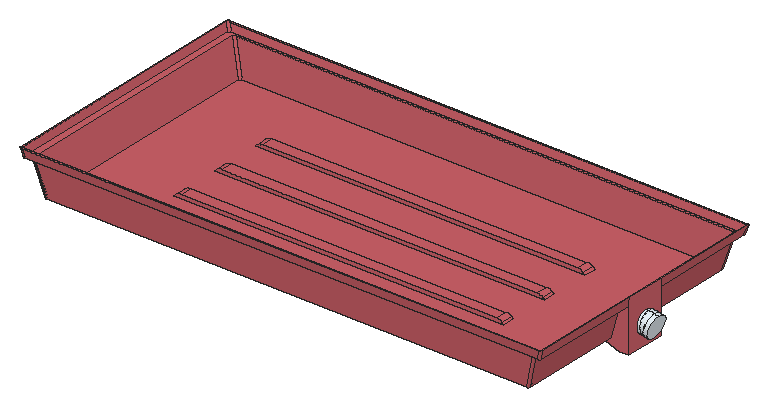
Revit family
Parameters (values of type "1200 X 600")
  Waste Connection Diameter = 40 mm
  Waste Connection Radius = Waste Connection Diameter / 2  # 20 mm
  URL = "http://www.autospec.co.za/explore.php?n=w&id=380"
  Product Code = "GSTP 1200"
  OmniClass Title = ""
  OmniClass Number = ""
  Material = Polyethylene
  Modspec Classification = ""
  Specification = ""
  Location (revit room) = ""
  Length Of Tie Beam = 759 mm
  Description = ""
  Depth = 98 mm
  Colour = none
  Body Finish = none
  Width = 600 mm
  Model = "Geyser Drip Tray Horizontal 100 lt"
  Manufacturer = "Kwikot"  # constant formula
  Length = 1200 mm
  Assembly Code = "E1090100"
  Adapter Material = PVC
Types (4, lengths in mm): name | Product Code | Length Of Tie Beam | Model | Length
  (no name) | "GSTP 1200" | 759 | "Geyser Drip Tray Horizontal 100 lt" | 1200
  1200 X 600 | "GSTP 1200" | 759 | "Geyser Drip Tray Horizontal 100 lt" | 1200
  1650 X 600 | "GSTP 1650" | 1209 | "Geyser Drip Tray Horizontal 150 lt and 200 lt" | 1650
  1940 X 600 | "GSTP 1950" | 1499 | "Geyser Drip Tray Horizontal 250 lt" | 1940
Reference planes
  plane 1 "Center (Front/Back)": y = 0
  plane 2 "Bottom": z = 0
  plane 3 "Center (Left/Right)": x = 0
  plane 4 "Right": x = 1200
  plane 5 "Back": y = 600
  plane 6 "Top": z = 98
  plane 7: z = -20
  plane 8: x = 1195.5
  plane 9: x = 4.5
  plane 10: y = 595.5
  plane 11: y = 4.5
  plane 12: y = 580
  plane 13: y = 20
  plane 14: x = 1156.5
  plane 15: x = 43.5
  plane 16: z = 78
  plane 17: y = 590.5
  plane 18: y = 9.5
  plane 19: x = 1179
  plane 20: x = 21
  plane 21: y = 300
  plane 22: x = 600
  plane 23: x = 979.5
  plane 24: x = 220.5
  plane 25: y = 417
  plane 26: y = 183
Forms (mm)
  Blend 1, solid, material "Polyethylene" <- "Material"
    base sketch origin (-61.036, -1851.128, 98) x (-1, 0, 0) y (0, -1, 0)
      loop
        arc (-66.036, -2451.128) -> (-62.501, -2449.664) -> (-61.036, -2446.128) r 5
        line (-61.036, -2446.128) -> (-61.036, -1856.128)
        arc (-61.036, -1856.128) -> (-62.501, -1852.593) -> (-66.036, -1851.128) r 5
        line (-66.036, -1851.128) -> (-1256.036, -1851.128)
        arc (-1256.036, -1851.128) -> (-1259.572, -1852.593) -> (-1261.036, -1856.128) r 5
        line (-1261.036, -1856.128) -> (-1261.036, -2446.128)
        arc (-1261.036, -2446.128) -> (-1259.572, -2449.664) -> (-1256.036, -2451.128) r 5
        line (-1256.036, -2451.128) -> (-66.036, -2451.128)
    top sketch origin (-61.036, -1851.128, 98) x (-1, 0, 0) y (0, -1, 0)
      loop
        arc (-70.536, -2446.628) -> (-67.001, -2445.164) -> (-65.536, -2441.628) r 5
        line (-65.536, -2441.628) -> (-65.536, -1860.628)
        arc (-65.536, -1860.628) -> (-67.001, -1857.093) -> (-70.536, -1855.628) r 5
        line (-70.536, -1855.628) -> (-1251.536, -1855.628)
        arc (-1251.536, -1855.628) -> (-1255.072, -1857.093) -> (-1256.536, -1860.628) r 5
        line (-1256.536, -1860.628) -> (-1256.536, -2441.628)
        arc (-1256.536, -2441.628) -> (-1255.072, -2445.164) -> (-1251.536, -2446.628) r 5
        line (-1251.536, -2446.628) -> (-70.536, -2446.628)
    from 0 to -20
  Blend 2, solid, material "Polyethylene" <- "Material"
    base sketch origin (-270.578, -1524, 78) x (-1, 0, 0) y (0, -1, 0)
      loop
        arc (-296.578, -2114.5) -> (-293.042, -2113.036) -> (-291.578, -2109.5) r 5
        line (-291.578, -2109.5) -> (-291.578, -1538.5)
        arc (-291.578, -1538.5) -> (-293.042, -1534.964) -> (-296.578, -1533.5) r 5
        line (-296.578, -1533.5) -> (-1444.578, -1533.5)
        arc (-1444.578, -1533.5) -> (-1448.113, -1534.964) -> (-1449.578, -1538.5) r 5
        line (-1449.578, -1538.5) -> (-1449.578, -2109.5)
        arc (-1449.578, -2109.5) -> (-1448.113, -2113.036) -> (-1444.578, -2114.5) r 5
        line (-1444.578, -2114.5) -> (-296.578, -2114.5)
    top sketch origin (-270.578, -1524, 78) x (-1, 0, 0) y (0, -1, 0)
      loop
        arc (-319.078, -2104) -> (-315.542, -2102.536) -> (-314.078, -2099) r 5
        line (-314.078, -2099) -> (-314.078, -1549)
        arc (-314.078, -1549) -> (-315.542, -1545.464) -> (-319.078, -1544) r 5
        line (-319.078, -1544) -> (-1422.078, -1544)
        arc (-1422.078, -1544) -> (-1425.613, -1545.464) -> (-1427.078, -1549) r 5
        line (-1427.078, -1549) -> (-1427.078, -2099)
        arc (-1427.078, -2099) -> (-1425.613, -2102.536) -> (-1422.078, -2104) r 5
        line (-1422.078, -2104) -> (-319.078, -2104)
    from 0 to -78
  Blend 3, void
    base sketch origin (-61.036, -1851.128, 98) x (0, -1, 0) y (1, 0, 0)
      loop
        arc (-1858.128, 63.036) -> (-1854.593, 64.501) -> (-1853.128, 68.036) r 5
        line (-1853.128, 68.036) -> (-1853.128, 1254.036)
        arc (-1853.128, 1254.036) -> (-1854.593, 1257.572) -> (-1858.128, 1259.036) r 5
        line (-1858.128, 1259.036) -> (-2444.128, 1259.036)
        arc (-2444.128, 1259.036) -> (-2447.664, 1257.572) -> (-2449.128, 1254.036) r 5
        line (-2449.128, 1254.036) -> (-2449.128, 68.036)
        arc (-2449.128, 68.036) -> (-2447.664, 64.501) -> (-2444.128, 63.036) r 5
        line (-2444.128, 63.036) -> (-1858.128, 63.036)
    top sketch origin (-61.036, -1851.128, 98) x (0, -1, 0) y (1, 0, 0)
      loop
        arc (-1862.628, 67.536) -> (-1859.093, 69.001) -> (-1857.628, 72.536) r 5
        line (-1857.628, 72.536) -> (-1857.628, 1249.536)
        arc (-1857.628, 1249.536) -> (-1859.093, 1253.072) -> (-1862.628, 1254.536) r 5
        line (-1862.628, 1254.536) -> (-2439.628, 1254.536)
        arc (-2439.628, 1254.536) -> (-2443.164, 1253.072) -> (-2444.628, 1249.536) r 5
        line (-2444.628, 1249.536) -> (-2444.628, 72.536)
        arc (-2444.628, 72.536) -> (-2443.164, 69.001) -> (-2439.628, 67.536) r 5
        line (-2439.628, 67.536) -> (-1862.628, 67.536)
    from 0 to -18
  Blend 4, void
    base sketch origin (-270.578, -1524, 78) x (0, -1, 0) y (1, 0, 0)
      loop
        arc (-1540.5, 293.578) -> (-1536.964, 295.042) -> (-1535.5, 298.578) r 5
        line (-1535.5, 298.578) -> (-1535.5, 1442.578)
        arc (-1535.5, 1442.578) -> (-1536.964, 1446.113) -> (-1540.5, 1447.578) r 5
        line (-1540.5, 1447.578) -> (-2107.5, 1447.578)
        arc (-2107.5, 1447.578) -> (-2111.036, 1446.113) -> (-2112.5, 1442.578) r 5
        line (-2112.5, 1442.578) -> (-2112.5, 298.578)
        arc (-2112.5, 298.578) -> (-2111.036, 295.042) -> (-2107.5, 293.578) r 5
        line (-2107.5, 293.578) -> (-1540.5, 293.578)
    top sketch origin (-270.578, -1524, 78) x (0, -1, 0) y (1, 0, 0)
      loop
        arc (-2102, 321.078) -> (-2100.536, 317.542) -> (-2097, 316.078) r 5
        line (-2097, 316.078) -> (-1551, 316.078)
        arc (-1551, 316.078) -> (-1547.464, 317.542) -> (-1546, 321.078) r 5
        line (-1546, 321.078) -> (-1546, 1420.078)
        arc (-1546, 1420.078) -> (-1547.464, 1423.613) -> (-1551, 1425.078) r 5
        line (-1551, 1425.078) -> (-2097, 1425.078)
        arc (-2097, 1425.078) -> (-2100.536, 1423.613) -> (-2102, 1420.078) r 5
        line (-2102, 1420.078) -> (-2102, 321.078)
    from 2 to -76
  Extrusion 5, solid, material "Polyethylene" <- "Material"
    sketch origin (-104.769, 300, 4000) x (-1, 0, 0) y (0, 0, 1)
      loop
        line (-1084.269, -3998) -> (-325.269, -3998) -> (-329.79, -3994.383)
        arc (-329.79, -3994.383) -> (-335.664, -3991.127) -> (-342.284, -3990) r 20
        line (-342.284, -3990) -> (-1067.253, -3990)
        arc (-1067.253, -3990) -> (-1073.873, -3991.127) -> (-1079.747, -3994.383) r 20
        line (-1079.747, -3994.383) -> (-1084.269, -3998)
    from -13.5 to 13.5
  Extrusion 6, solid, material "Polyethylene" <- "Material"
    sketch origin (-104.769, 183, 4000) x (-1, 0, 0) y (0, 0, 1)
      loop
        line (-1084.269, -3998) -> (-325.269, -3998) -> (-329.79, -3994.383)
        arc (-329.79, -3994.383) -> (-335.664, -3991.127) -> (-342.284, -3990) r 20
        line (-342.284, -3990) -> (-1067.253, -3990)
        arc (-1067.253, -3990) -> (-1073.873, -3991.127) -> (-1079.747, -3994.383) r 20
        line (-1079.747, -3994.383) -> (-1084.269, -3998)
    from -13.5 to 13.5
  Extrusion 7, solid, material "Polyethylene" <- "Material"
    sketch origin (-104.769, 417, 4000) x (-1, 0, 0) y (0, 0, 1)
      loop
        line (-1084.269, -3998) -> (-325.269, -3998) -> (-329.79, -3994.383)
        arc (-329.79, -3994.383) -> (-335.664, -3991.127) -> (-342.284, -3990) r 20
        line (-342.284, -3990) -> (-1067.253, -3990)
        arc (-1067.253, -3990) -> (-1073.873, -3991.127) -> (-1079.747, -3994.383) r 20
        line (-1079.747, -3994.383) -> (-1084.269, -3998)
    from -13.5 to 13.5
  Extrusion 8, solid, material "Polyethylene" <- "Material"
    sketch origin (-104.769, 300, 4000) x (-1, 0, 0) y (0, 0, 1)
      loop
        line (-1304.769, -4020) -> (-1283.769, -4020) -> (-1228.819, -4000) -> (-1261.269, -4000) -> (-1283.769, -3922) -> (-1300.269, -3922) -> (-1304.769, -3902) -> (-1304.769, -4020)
    from -45.5 to 45.5
  Sweep 9, solid, material "PVC" <- "Adapter Material"
    path origin (-104.769, 300, 4000) x (-1, 0, 0) y (0, 0, 1)
      loop
        line (-1304.769, -3961) -> (-1312.94, -3961)
        arc (-1312.94, -3961) -> (-1318.161, -3961.342) -> (-1323.293, -3962.363) r 40
        line (-1323.293, -3962.363) -> (-1332.695, -3964.882)
    profile origin (1204.086, 300, 39) x (0, 0, -1) y (0, 1, 0)
      loop
        circle (9, 0) r 25
Cuts and joins
  Blend 3, Blend 4 cuts Blend 1
  Blend 3, Blend 4 cuts Blend 2
  joined: Blend 1, Blend 2, Extrusion 5, Extrusion 6, Extrusion 7, Extrusion 8
Lines and regions (mm)
  symbolic lines
    curve 1: line (0, 600, 0) -> (0, 0, 0)
    curve 2: line (1200, 600, 0) -> (0, 600, 0)
    curve 3: line (2, 7, 0) -> (2, 593, 0)
    curve 4: arc (2, 593, 0) -> (3.464, 596.536, 0) -> (7, 598, 0) r 5
    curve 5: line (7, 598, 0) -> (1193, 598, 0)
    curve 6: line (6.5, 588.5, 0) -> (6.5, 11.5, 0)
    curve 7: arc (11.5, 593.5, 0) -> (7.964, 592.036, 0) -> (6.5, 588.5, 0) r 5
    curve 8: line (1188.5, 593.5, 0) -> (11.5, 593.5, 0)
    curve 9: line (23, 16.5, 0) -> (23, 583.5, 0)
    curve 10: arc (23, 583.5, 0) -> (24.464, 587.036, 0) -> (28, 588.5, 0) r 5
    curve 11: line (28, 588.5, 0) -> (1172, 588.5, 0)
    curve 12: line (1198, 593, 0) -> (1198, 7, 0)
    curve 13: line (1193.5, 11.5, 0) -> (1193.5, 588.5, 0)
    curve 14: arc (1193.5, 588.5, 0) -> (1192.036, 592.036, 0) -> (1188.5, 593.5, 0) r 5
    curve 15: line (1177, 583.5, 0) -> (1177, 16.5, 0)
    curve 16: arc (1172, 588.5, 0) -> (1175.536, 587.036, 0) -> (1177, 583.5, 0) r 5
    curve 17: arc (1193, 598, 0) -> (1196.536, 596.536, 0) -> (1198, 593, 0) r 5
    curve 18: arc (1198, 7, 0) -> (1196.536, 3.464, 0) -> (1193, 2, 0) r 5
    curve 19: arc (1188.5, 6.5, 0) -> (1192.036, 7.964, 0) -> (1193.5, 11.5, 0) r 5
    curve 20: line (1193, 2, 0) -> (7, 2, 0)
    curve 21: line (11.5, 6.5, 0) -> (1188.5, 6.5, 0)
    curve 22: arc (1177, 16.5, 0) -> (1175.536, 12.964, 0) -> (1172, 11.5, 0) r 5
    curve 23: line (1172, 11.5, 0) -> (28, 11.5, 0)
    curve 24: arc (7, 2, 0) -> (3.464, 3.464, 0) -> (2, 7, 0) r 5
    curve 25: arc (6.5, 11.5, 0) -> (7.964, 7.964, 0) -> (11.5, 6.5, 0) r 5
    curve 26: arc (28, 11.5, 0) -> (24.464, 12.964, 0) -> (23, 16.5, 0) r 5
    curve 27: line (979.5, 430.5, 0) -> (220.5, 430.5, 0)
    curve 28: line (220.5, 403.5, 0) -> (979.5, 403.5, 0)
    curve 29: line (979.5, 313.5, 0) -> (220.5, 313.5, 0)
    curve 30: line (220.5, 286.5, 0) -> (979.5, 286.5, 0)
    curve 31: line (979.5, 196.5, 0) -> (220.5, 196.5, 0)
    curve 32: line (220.5, 169.5, 0) -> (979.5, 169.5, 0)
    curve 33: line (220.5, 286.5, 0) -> (220.5, 313.5, 0)
    curve 34: line (220.5, 403.5, 0) -> (220.5, 430.5, 0)
    curve 35: line (220.5, 169.5, 0) -> (220.5, 196.5, 0)
    curve 36: line (979.5, 430.5, 0) -> (979.5, 403.5, 0)
    curve 37: line (979.5, 313.5, 0) -> (979.5, 286.5, 0)
    curve 38: line (979.5, 196.5, 0) -> (979.5, 169.5, 0)
    curve 39: line (0, 0, 0) -> (1200, 0, 0)
    curve 40: line (1200, 0, 0) -> (1200, 600, 0)
    curve 48: line (45.5, 573, 0) -> (45.5, 27, 0)
    curve 49: arc (45.5, 27, 0) -> (46.964, 23.464, 0) -> (50.5, 22, 0) r 5
    curve 50: line (50.5, 22, 0) -> (1149.5, 22, 0)
    curve 51: arc (1149.5, 22, 0) -> (1153.036, 23.464, 0) -> (1154.5, 27, 0) r 5
    curve 52: line (1154.5, 27, 0) -> (1154.5, 573, 0)
    curve 53: arc (1154.5, 573, 0) -> (1153.036, 576.536, 0) -> (1149.5, 578, 0) r 5
    curve 54: line (1149.5, 578, 0) -> (50.5, 578, 0)
    curve 55: arc (50.5, 578, 0) -> (46.964, 576.536, 0) -> (45.5, 573, 0) r 5
  symbolic lines, detail levels fine
    curve 41: spline (1232.067, 300, 0) -> (1231.847, 293.53, 0) -> (1231.201, 287.5, 0) -> (1230.172, 282.322, 0) -> (1228.832, 278.349, 0) -> (1227.272, 275.852, 0) -> (1225.597, 275, 0) -> (1223.922, 275.852, 0) -> (1222.362, 278.349, 0) -> (1221.022, 282.322, 0) -> (1219.993, 287.5, 0) -> (1219.347, 293.53, 0) -> (1219.127, 300, 0)
    curve 42: spline (1219.127, 300, 0) -> (1219.347, 306.47, 0) -> (1219.993, 312.5, 0) -> (1221.022, 317.678, 0) -> (1222.362, 321.651, 0) -> (1223.922, 324.148, 0) -> (1225.597, 325, 0) -> (1227.272, 324.148, 0) -> (1228.832, 321.651, 0) -> (1230.172, 317.678, 0) -> (1231.201, 312.5, 0) -> (1231.847, 306.47, 0) -> (1232.067, 300, 0)
    curve 43: line (1200, 345.5, 0) -> (1124.05, 345.5, 0)
    curve 44: line (1124.05, 345.5, 0) -> (1124.05, 254.5, 0)
    curve 45: line (1124.05, 254.5, 0) -> (1200, 254.5, 0)
    curve 46: line (1225.597, 325, 0) -> (1200, 325, 0)
    curve 47: line (1225.597, 275, 0) -> (1200, 275, 0)
Dimensions and locks
  "Length": plane 3 "Center (Left/Right)" to plane 4 "Right"
  "Width": plane 1 "Center (Front/Back)" to plane 5 "Back"
  "Depth": plane 6 "Top" to plane 2 "Bottom"
  plane 6 "Top" to plane 7 = 118 mm
  locked: plane 19 to plane 4 "Right" at 21
  locked: plane 3 "Center (Left/Right)" to plane 20 at 21
  locked: plane 8 to plane 4 "Right" at 4.5
  locked: plane 3 "Center (Left/Right)" to plane 9 at 4.5
  locked: plane 3 "Center (Left/Right)" to plane 15 at 43.5
  locked: plane 14 to plane 4 "Right" at 43.5
  plane 15 to plane 14 = 1113 mm
  plane 8 to plane 9 = 1191 mm
  plane 20 to plane 19 = 1158 mm
  locked: plane 5 "Back" to plane 10 at 4.5
  locked: plane 1 "Center (Front/Back)" to plane 11 at 4.5
  plane 10 to plane 11 = 591 mm
  locked: plane 5 "Back" to plane 17 at 9.5
  locked: plane 18 to plane 1 "Center (Front/Back)" at 9.5
  plane 17 to plane 18 = 581 mm
  locked: plane 5 "Back" to plane 12 at 20
  locked: plane 13 to plane 1 "Center (Front/Back)" at 20
  plane 12 to plane 13 = 560 mm
  locked: plane 6 "Top" to plane 16 at 20
  plane 16 to plane 2 "Bottom" = 78 mm
  locked: cut or joined group of Blend 1, Blend 2, Blend 3, Blend 4, Extrusion 5, Extrusion 6, Extrusion 7, Extrusion 8 to plane 2 "Bottom" at 2
  equal spacing: plane 5 "Back", plane 21, plane 1 "Center (Front/Back)"
  equal spacing: plane 3 "Center (Left/Right)", plane 22, plane 4 "Right"
  "Length Of Tie Beam": plane 24 to plane 23
  equal spacing: plane 24, plane 22, plane 23
  Extrusion 5 sketch curve to cut or joined group of Blend 1, Blend 2, Blend 3, Blend 4, Extrusion 5, Extrusion 6, Extrusion 7, Extrusion 8 = 8 mm
  locked: plane 25 to plane 21 at 117
  locked: plane 21 to plane 26 at 117
  Extrusion 8 to Extrusion 8 = 91 mm
  equal spacing: Extrusion 8, plane 21, Extrusion 8
  plane 6 "Top" to Sweep 9 sketch curve = 68 mm
  radius of Sweep 9 sketch curve = 25 mm
  aligned and locked: level to plane 2 "Bottom"
  aligned and locked: Blend 1 sketch curve to plane 5 "Back"
  aligned and locked: plane 3 "Center (Left/Right)" to Blend 1 sketch curve
  aligned and locked: Blend 1 sketch curve to plane 1 "Center (Front/Back)"
  aligned and locked: plane 4 "Right" to Blend 1 sketch curve
  aligned and locked: Blend 1 sketch curve to plane 10
  aligned and locked: plane 9 to Blend 1 sketch curve
  aligned and locked: plane 11 to Blend 1 sketch curve
  aligned and locked: plane 8 to Blend 1 sketch curve
  aligned and locked: Blend 2 sketch curve to plane 17
  aligned and locked: Blend 2 sketch curve to plane 20
  aligned and locked: plane 18 to Blend 2 sketch curve
  aligned and locked: plane 19 to Blend 2 sketch curve
  aligned and locked: Blend 2 sketch curve to plane 12
  aligned and locked: Blend 2 sketch curve to plane 15
  aligned and locked: plane 13 to Blend 2 sketch curve
  aligned and locked: plane 14 to Blend 2 sketch curve
  aligned and locked: Blend 1 to plane 16
  aligned and locked: Blend 2 to level
  aligned and locked: plane 6 "Top" to Blend 1
  aligned and locked: plane 16 to Blend 2
  aligned and locked: cut or joined group of Blend 1, Blend 2, Blend 3, Blend 4, Extrusion 5, Extrusion 6, Extrusion 7, Extrusion 8 to Extrusion 5 sketch curve
  aligned and locked: plane 23 to Extrusion 5 sketch curve
  aligned and locked: plane 24 to Extrusion 5 sketch curve
  aligned and locked: Extrusion 8 sketch curve to plane 7
  aligned and locked: Extrusion 8 sketch curve to plane 4 "Right"
  aligned and locked: Extrusion 8 sketch curve to cut or joined group of Blend 1, Blend 2, Blend 3, Blend 4, Extrusion 5, Extrusion 6, Extrusion 7, Extrusion 8  (x4)
  aligned and locked: curve 1 to cut or joined group of Blend 1, Blend 2, Blend 3, Blend 4, Extrusion 5, Extrusion 6, Extrusion 7, Extrusion 8
  aligned and locked: curve 2 to cut or joined group of Blend 1, Blend 2, Blend 3, Blend 4, Extrusion 5, Extrusion 6, Extrusion 7, Extrusion 8
  aligned and locked: curve 4 to cut or joined group of Blend 1, Blend 2, Blend 3, Blend 4, Extrusion 5, Extrusion 6, Extrusion 7, Extrusion 8
  aligned and locked: curve 7 to cut or joined group of Blend 1, Blend 2, Blend 3, Blend 4, Extrusion 5, Extrusion 6, Extrusion 7, Extrusion 8
  aligned and locked: curve 10 to cut or joined group of Blend 1, Blend 2, Blend 3, Blend 4, Extrusion 5, Extrusion 6, Extrusion 7, Extrusion 8
  aligned and locked: curve 14 to cut or joined group of Blend 1, Blend 2, Blend 3, Blend 4, Extrusion 5, Extrusion 6, Extrusion 7, Extrusion 8
  aligned and locked: curve 16 to cut or joined group of Blend 1, Blend 2, Blend 3, Blend 4, Extrusion 5, Extrusion 6, Extrusion 7, Extrusion 8
  aligned and locked: curve 17 to cut or joined group of Blend 1, Blend 2, Blend 3, Blend 4, Extrusion 5, Extrusion 6, Extrusion 7, Extrusion 8
  aligned and locked: curve 18 to cut or joined group of Blend 1, Blend 2, Blend 3, Blend 4, Extrusion 5, Extrusion 6, Extrusion 7, Extrusion 8
  aligned and locked: curve 19 to cut or joined group of Blend 1, Blend 2, Blend 3, Blend 4, Extrusion 5, Extrusion 6, Extrusion 7, Extrusion 8
  aligned and locked: curve 22 to cut or joined group of Blend 1, Blend 2, Blend 3, Blend 4, Extrusion 5, Extrusion 6, Extrusion 7, Extrusion 8
  aligned and locked: curve 24 to cut or joined group of Blend 1, Blend 2, Blend 3, Blend 4, Extrusion 5, Extrusion 6, Extrusion 7, Extrusion 8
  aligned and locked: curve 25 to cut or joined group of Blend 1, Blend 2, Blend 3, Blend 4, Extrusion 5, Extrusion 6, Extrusion 7, Extrusion 8
  aligned and locked: curve 26 to cut or joined group of Blend 1, Blend 2, Blend 3, Blend 4, Extrusion 5, Extrusion 6, Extrusion 7, Extrusion 8
  aligned and locked: curve 27 to cut or joined group of Blend 1, Blend 2, Blend 3, Blend 4, Extrusion 5, Extrusion 6, Extrusion 7, Extrusion 8
  aligned and locked: curve 28 to cut or joined group of Blend 1, Blend 2, Blend 3, Blend 4, Extrusion 5, Extrusion 6, Extrusion 7, Extrusion 8
  aligned and locked: curve 29 to cut or joined group of Blend 1, Blend 2, Blend 3, Blend 4, Extrusion 5, Extrusion 6, Extrusion 7, Extrusion 8
  aligned and locked: curve 30 to cut or joined group of Blend 1, Blend 2, Blend 3, Blend 4, Extrusion 5, Extrusion 6, Extrusion 7, Extrusion 8
  aligned and locked: curve 31 to cut or joined group of Blend 1, Blend 2, Blend 3, Blend 4, Extrusion 5, Extrusion 6, Extrusion 7, Extrusion 8
  aligned and locked: curve 32 to cut or joined group of Blend 1, Blend 2, Blend 3, Blend 4, Extrusion 5, Extrusion 6, Extrusion 7, Extrusion 8
  aligned and locked: curve 33 to cut or joined group of Blend 1, Blend 2, Blend 3, Blend 4, Extrusion 5, Extrusion 6, Extrusion 7, Extrusion 8
  aligned and locked: curve 34 to cut or joined group of Blend 1, Blend 2, Blend 3, Blend 4, Extrusion 5, Extrusion 6, Extrusion 7, Extrusion 8
  aligned and locked: curve 35 to cut or joined group of Blend 1, Blend 2, Blend 3, Blend 4, Extrusion 5, Extrusion 6, Extrusion 7, Extrusion 8
  aligned and locked: curve 36 to cut or joined group of Blend 1, Blend 2, Blend 3, Blend 4, Extrusion 5, Extrusion 6, Extrusion 7, Extrusion 8
  aligned and locked: curve 37 to cut or joined group of Blend 1, Blend 2, Blend 3, Blend 4, Extrusion 5, Extrusion 6, Extrusion 7, Extrusion 8
  aligned and locked: curve 38 to cut or joined group of Blend 1, Blend 2, Blend 3, Blend 4, Extrusion 5, Extrusion 6, Extrusion 7, Extrusion 8
  aligned and locked: curve 39 to cut or joined group of Blend 1, Blend 2, Blend 3, Blend 4, Extrusion 5, Extrusion 6, Extrusion 7, Extrusion 8
  aligned and locked: curve 40 to plane 4 "Right"
  aligned and locked: plane 21 to Sweep 9 sketch curve
  aligned and locked: curve 43 to cut or joined group of Blend 1, Blend 2, Blend 3, Blend 4, Extrusion 5, Extrusion 6, Extrusion 7, Extrusion 8
  aligned and locked: curve 44 to cut or joined group of Blend 1, Blend 2, Blend 3, Blend 4, Extrusion 5, Extrusion 6, Extrusion 7, Extrusion 8
  aligned and locked: curve 45 to cut or joined group of Blend 1, Blend 2, Blend 3, Blend 4, Extrusion 5, Extrusion 6, Extrusion 7, Extrusion 8
  aligned and locked: curve 48 to cut or joined group of Blend 1, Blend 2, Blend 3, Blend 4, Extrusion 5, Extrusion 6, Extrusion 7, Extrusion 8
  aligned and locked: curve 49 to cut or joined group of Blend 1, Blend 2, Blend 3, Blend 4, Extrusion 5, Extrusion 6, Extrusion 7, Extrusion 8
  aligned and locked: curve 50 to cut or joined group of Blend 1, Blend 2, Blend 3, Blend 4, Extrusion 5, Extrusion 6, Extrusion 7, Extrusion 8
  aligned and locked: curve 51 to cut or joined group of Blend 1, Blend 2, Blend 3, Blend 4, Extrusion 5, Extrusion 6, Extrusion 7, Extrusion 8
  aligned and locked: curve 52 to cut or joined group of Blend 1, Blend 2, Blend 3, Blend 4, Extrusion 5, Extrusion 6, Extrusion 7, Extrusion 8
  aligned and locked: curve 53 to cut or joined group of Blend 1, Blend 2, Blend 3, Blend 4, Extrusion 5, Extrusion 6, Extrusion 7, Extrusion 8
  aligned and locked: curve 54 to cut or joined group of Blend 1, Blend 2, Blend 3, Blend 4, Extrusion 5, Extrusion 6, Extrusion 7, Extrusion 8
  aligned and locked: curve 55 to cut or joined group of Blend 1, Blend 2, Blend 3, Blend 4, Extrusion 5, Extrusion 6, Extrusion 7, Extrusion 8
Automatic sketch dimensions
  plane 23 to Extrusion 5 sketch curve = 4.522 mm
  Extrusion 5 sketch curve to level = 10 mm  (x2)
  plane 23 to Extrusion 5 sketch curve = 17.016 mm
  Extrusion 5 sketch curve to plane 24 = 17.016 mm
  Extrusion 5 sketch curve to plane 24 = 4.522 mm
  Blend 4 sketch curve to plane 17 = 2 mm
  plane 19 to Blend 4 sketch curve = 2 mm
  plane 12 to Blend 4 sketch curve = 3.5 mm  (x2)
  Blend 4 sketch curve to plane 20 = 2 mm
  Blend 4 sketch curve to plane 13 = 3.5 mm  (x2)
  plane 18 to Blend 4 sketch curve = 2 mm
  Blend 4 sketch curve to plane 12 = 2 mm
  Blend 4 sketch curve to plane 15 = 2 mm
  Blend 4 sketch curve to plane 12 = 7 mm  (x2)
  plane 14 to Blend 4 sketch curve = 2 mm
  plane 13 to Blend 4 sketch curve = 7 mm
  plane 13 to Blend 4 sketch curve = 2 mm
  Blend 4 sketch curve to Blend 4 sketch curve = 5 mm
  Blend 3 sketch curve to plane 5 "Back" = 2 mm
  plane 3 "Center (Left/Right)" to Blend 3 sketch curve = 2 mm
  Blend 3 sketch curve to plane 10 = 2.5 mm  (x2)
  plane 11 to Blend 3 sketch curve = 2.5 mm  (x2)
  Blend 3 sketch curve to plane 1 "Center (Front/Back)" = 2 mm
  plane 8 to Blend 3 sketch curve = 2.5 mm
  Blend 3 sketch curve to plane 10 = 2 mm
  Blend 3 sketch curve to plane 17 = 2 mm  (x2)
  plane 18 to Blend 3 sketch curve = 2 mm  (x2)
  plane 11 to Blend 3 sketch curve = 2 mm
  plane 9 to Blend 3 sketch curve = 2 mm
  plane 8 to Blend 3 sketch curve = 7 mm
  plane 23 to Extrusion 7 sketch curve = 0 mm
  plane 24 to Extrusion 7 sketch curve = 0 mm
  plane 23 to Extrusion 7 sketch curve = 4.522 mm
  plane 23 to Extrusion 7 sketch curve = 17.016 mm
  Extrusion 7 sketch curve to level = 10 mm  (x2)
  Extrusion 7 sketch curve to plane 24 = 17.016 mm
  Extrusion 7 sketch curve to plane 24 = 4.522 mm
  level to Extrusion 7 sketch curve = 2 mm
  level to Extrusion 7 sketch curve = 5.617 mm
  plane 23 to Extrusion 6 sketch curve = 0 mm
  plane 24 to Extrusion 6 sketch curve = 0 mm
  plane 23 to Extrusion 6 sketch curve = 4.522 mm
  plane 23 to Extrusion 6 sketch curve = 17.016 mm
  Extrusion 6 sketch curve to level = 10 mm  (x2)
  Extrusion 6 sketch curve to plane 24 = 17.016 mm
  Extrusion 6 sketch curve to plane 24 = 4.522 mm
  level to Extrusion 6 sketch curve = 2 mm
  level to Extrusion 6 sketch curve = 5.617 mm
  Extrusion 8 sketch curve to Extrusion 8 sketch curve = 32.45 mm
  plane 19 to Extrusion 8 sketch curve = 0 mm
  curve 39 to plane 3 "Center (Left/Right)" = 0 mm
  curve 2 to plane 5 "Back" = 0 mm
  plane 19 to Blend 2 sketch curve = 5 mm  (x2)
  Blend 2 sketch curve to plane 17 = 5 mm
  Blend 2 sketch curve to plane 20 = 5 mm
  plane 14 to Blend 2 sketch curve = 5 mm  (x2)
  Blend 2 sketch curve to Blend 2 sketch curve = 5 mm
  Blend 2 sketch curve to plane 15 = 5 mm
  plane 8 to Blend 1 sketch curve = 0.5 mm  (x2)
  plane 9 to Blend 1 sketch curve = 0.5 mm  (x2)
  Blend 1 sketch curve to plane 17 = 0 mm  (x2)
  Blend 1 sketch curve to plane 18 = 0 mm  (x2)
  plane 4 "Right" to Sweep 9 sketch curve = 0 mm
  Sweep 9 sketch curve to Sweep 9 sketch curve = 8.171 mm
  Sweep 9 sketch curve to Sweep 9 sketch curve = 10.353 mm
  Sweep 9 sketch curve to Sweep 9 sketch curve = 9.402 mm
  Sweep 9 sketch curve to level = 1 mm
  level to Sweep 9 sketch curve = 35.118 mm
  Sweep 9 sketch curve to Sweep 9 sketch curve = 2.519 mm
  curve 45 to plane 4 "Right" = 0 mm
  curve 46 to plane 4 "Right" = 0 mm
  curve 47 to plane 4 "Right" = 0 mm
  curve 43 to plane 4 "Right" = 0 mm
  curve 42 to plane 21 = 0 mm
  plane 14 to curve 43 = 32.45 mm
  curve 42 to plane 4 "Right" = 19.127 mm
  curve 46 to curve 42 = 25.597 mm
  curve 46 to curve 42 = 0 mm
  curve 47 to curve 41 = 0 mm
  curve 44 to plane 21 = 45.5 mm
  plane 21 to curve 46 = 25 mm
  curve 41 to curve 42 = 0 mm
  curve 46 to curve 43 = 20.5 mm
  curve 54 to plane 12 = 2 mm
  curve 54 to plane 15 = 7 mm
  curve 49 to plane 15 = 7 mm
  curve 48 to plane 15 = 2 mm
  plane 14 to curve 54 = 7 mm
  plane 13 to curve 50 = 2 mm
  plane 14 to curve 50 = 7 mm
  plane 14 to curve 53 = 2 mm
Connectors
  piping at (1225.597, 300, 26.424), driven by "Waste Connection Radius"
    settings: on Sweep 9, index 1, connector radius 20 mm, flow factor 0, pipe flow 0.0 L/s, pressure drop 0.0 Pa, fitting loss kfactor 0, connector angle 0.00°, fixture units 0, flow configuration 2, flow direction 2, fitting loss method 0, system type 29, connector reference index -1, connector utility 0, adjustable connector no, is connector primary yes, fitting loss table "", connector description "Waist Outlet"
